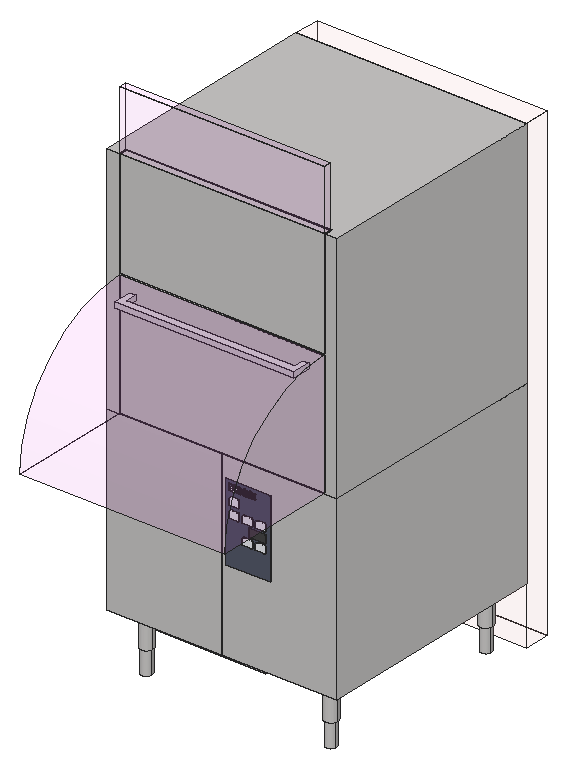
Revit family "QF_ELECTROLUXPROFESSIONAL_506058_EPPWA060", category Attrezzature speciali, Revit 2020
Family settings
  Quota connettore circolare = Usa diametro
  Tipo di parte = Normale
  Basato su piano di lavoro = No
  Sempre verticale = Sì
  Taglio con vuoti quando caricato = No
  Condiviso = No
  Punto di calcolo locali = No
Parameters (values of type "Standard")
  Weight = 200.00 kg
  Watts = 13000 W
  Volts = 400 V
  URL Manufacturer = "https://www.electroluxprofessional.com/"
  URL = "https://www.electroluxprofessional.com/"
  Steam Supply Size = 0 mm
  Steam Supply Minimum Pressure = 0.0 Pa
  Steam Supply Maximum Pressure = 0.0 Pa
  Steam Consumption per Hour = 0
  Show Logo [instance] = yes
  Show Clearance [instance] = yes
  Refrigeration Suction Line Size = 0 mm
  Refrigeration Liquid Line Size = 0 mm
  Refrigerant Compressor Remote = yes
  Prospetto di default = 0 mm
  Produttore = "Electrolux Professional"
  Phase = 3
  Modello = "EPPWA060"
  Length Actual = 876 mm  # constant formula
  Item Number = "506058"
  Hot Water Size = 19.05 mm
  Height Actual = 1791 mm  # constant formula
  HP = "17.4 HP"
  Gas Size = 0 mm
  Gas KW = 0
  Gas Input Pressure = 0 W
  Direct Waste Size = 20 mm
  Descrizione = "POT & PAN WASHER, DIN, A0 60"
  Depth Actual = 900 mm  # constant formula
  Cycle = 50 Hz
  Condensate Return Size = 0 mm
  Compressed Air Volume = 0.0 L/s
  Compressed Air Size = 0 mm
  Compressed Air Pressure = 0.0 Pa
  Cold Water Size = 19.05 mm
  Accessory = yes
Reference planes
  plane 1 "Center (Front/Back)": y = 0
  plane 2: z = 0
  plane 3: x = -63
  plane 4 "LEFT": x = -501
  plane 5: x = 375
  plane 6: y = -450
  plane 7 "BACK": y = 450
  plane 8: z = 220
  plane 9: z = 115
  plane 10: z = 1791
Forms (mm)
  Extrusion 1, solid, material "QF_Finishes_Stainless Steel"
    sketch origin (88.519, -3.5, 0) x (1, 0, 0) y (0, 1, 0)
      loop
        line (-534.519, -88.5) -> (-534.519, -308.5) -> (-94.519, -308.5) -> (-94.519, -88.5) -> (-534.519, -88.5)
    from 115 to 220
  Extrusion 2, solid, material "QF_Finishes_Stainless Steel"
    sketch origin (0, 0, 0) x (1, 0, 0) y (0, 1, 0)
      loop
        line (-501, 450) -> (-501, -450) -> (-63, -450) -> (-63, 450) -> (-501, 450)
    from 220 to 904
  Extrusion 3, solid, material "QF_Finishes_Stainless Steel"
    sketch origin (0, 0, 0) x (1, 0, 0) y (0, 1, 0)
      loop
        line (-63, 450) -> (-63, -450) -> (375, -450) -> (375, 450) -> (-63, 450)
    from 220 to 904
  Extrusion 4, solid, material "QF_Finishes_Stainless Steel"
    sketch origin (0, 0, 0) x (1, 0, 0) y (0, 1, 0)
      loop
        line (-501, 450) -> (-501, -450) -> (-453, -450) -> (-453, -418) -> (327, -418) -> (327, -450) -> (375, -450) -> (375, 450) -> (-501, 450)
    from 904 to 1791
  Extrusion 5, solid, material "QF_Finishes_Stainless Steel"
    sketch origin (0, 0, 0) x (1, 0, 0) y (0, 1, 0)
      loop
        line (-453, -450) -> (327, -450) -> (327, -420) -> (-453, -420) -> (-453, -450)
    from 909 to 1377.938
  Extrusion 6, solid, material "QF_Finishes_Stainless Steel"
    sketch origin (0, 0, 0) x (1, 0, 0) y (0, 1, 0)
      loop
        line (-453, -450) -> (327, -450) -> (327, -420) -> (-453, -420) -> (-453, -450)
    from 1384.114 to 1791
  Extrusion 7, solid, material "QF_Finishes_Door Clearance", visible <- "Show Clearance"
    sketch origin (-229, -650, 546.718) x (0, 1, 0) y (0, 0, -1)
      loop
        line (200, -357.282) -> (-274, -357.282)
        arc (-274, -357.282) -> (-135.169, -692.45) -> (200, -831.282) r 474
        line (200, -831.282) -> (200, -357.282)
    from 224 to -556
  Extrusion 8, solid, material "QF_Finishes_Door Clearance", visible <- "Show Clearance"
    sketch origin (-229, -650, 1221.218) x (0, 1, 0) y (0, 0, -1)
      loop
        line (200, -569.782) -> (200, -798.782) -> (230, -798.782) -> (230, -569.782) -> (200, -569.782)
    from 224 to -556
  Extrusion 9, solid, material "QF_Finishes_Clearance", visible <- "Show Clearance"
    sketch origin (0, 0, 0) x (1, 0, 0) y (0, 1, 0)
      loop
        line (-501, 450) -> (375, 450) -> (375, 550) -> (-501, 550) -> (-501, 450)
    from 0 to 1791
  Extrusion 10, solid, material "QF_Finishes_Stainless Steel"
    sketch origin (-756.159, 1152.464, 214.383) x (1, 0, 0) y (0, 1, 0)
      loop
        circle (701.159, -772.464) r 10
    from -9.383 to 5.617
  Extrusion 11, solid, material "QF_Finishes_Stainless Steel"
    sketch origin (207.404, -238.023, 218) x (0, -1, 0) y (1, 0, 0)
      loop
        line (-163.023, 6.596) -> (-163.023, 26.596) -> (-183.023, 26.596) -> (-183.023, 6.596) -> (-163.023, 6.596)
    from 0 to 2
  Extrusion 12, solid, material "QF_Finishes_Stainless Steel"
    sketch origin (-127.596, 216.977, 218) x (0, -1, 0) y (1, 0, 0)
      loop
        line (-163.023, 6.596) -> (-163.023, 26.596) -> (-183.023, 26.596) -> (-183.023, 6.596) -> (-163.023, 6.596)
    from 0 to 2
  Extrusion 13, solid, material "QF_Finishes_Stainless Steel"
    sketch origin (-526.159, 606.464, 214.383) x (1, 0, 0) y (0, 1, 0)
      loop
        circle (701.159, -772.464) r 10
    from -9.383 to 5.617
  Extrusion 14, solid, material "QF_Finishes_Stainless Steel"
    sketch origin (-456.159, 516.464, 214.383) x (1, 0, 0) y (0, 1, 0)
      loop
        circle (701.159, -772.464) r 10
    from -9.383 to 5.617
Dimensions and locks
  equal spacing: plane 7 "BACK", plane 1 "Center (Front/Back)", plane 6
  plane 7 "BACK" to plane 6 = 900 mm  (x2)
  plane 4 "LEFT" to plane 5 = 876 mm
  equal spacing: Extrusion 2, Extrusion 4 sketch curve, Extrusion 4 sketch curve, Extrusion 4 sketch curve
  equal spacing: plane 5, plane 3, plane 4 "LEFT"
  plane 8 to level = 220 mm
  Extrusion 1 to Extrusion 1 = 220 mm
  Extrusion 1 to nested 2 to plane 6 = 59 mm, 79 mm
  Extrusion 9 to nested 1 to nested 2 = 83 mm, 738 mm
  plane 10 to level = 1791 mm
  Extrusion 8 to level = 2020 mm
  Extrusion 9 to Extrusion 7 = 1374 mm
  level to Extrusion 4 = 904 mm
  aligned and locked: level to plane 2
  aligned and locked: plane 8 to Extrusion 1
  aligned and locked: Extrusion 1 to plane 9
  aligned and locked: Extrusion 2 to plane 6
  aligned and locked: plane 7 "BACK" to Extrusion 2
  aligned and locked: Extrusion 2 to plane 4 "LEFT"
  aligned and locked: Extrusion 3 sketch curve to Extrusion 2  (x2)
  aligned and locked: plane 6 to Extrusion 3 sketch curve
  aligned and locked: Extrusion 3 sketch curve to plane 5
  aligned and locked: Extrusion 2 to plane 8
  aligned and locked: Extrusion 3 to plane 8
  aligned and locked: Extrusion 4 sketch curve to Extrusion 2  (x2)
  aligned and locked: Extrusion 5 sketch curve to plane 6
  aligned and locked: Extrusion 6 sketch curve to Extrusion 5  (x4)
  aligned and locked: Extrusion 6 to Extrusion 8 sketch curve
  aligned and locked: Extrusion 8 to Extrusion 6  (x2)
Automatic sketch dimensions
  plane 4 "LEFT" to Extrusion 1 sketch curve = 55 mm
  plane 3 to Extrusion 1 sketch curve = 57 mm
  plane 6 to Extrusion 1 sketch curve = 138 mm
  plane 1 "Center (Front/Back)" to Extrusion 1 sketch curve = 92 mm
  Extrusion 2 sketch curve to plane 4 "LEFT" = 0 mm
  Extrusion 2 sketch curve to plane 3 = 0 mm
  Extrusion 2 sketch curve to plane 6 = 0 mm
  Extrusion 2 sketch curve to plane 7 "BACK" = 0 mm
  Extrusion 4 sketch curve to plane 6 = 0 mm  (x2)
  Extrusion 4 sketch curve to plane 5 = 0 mm
  plane 4 "LEFT" to Extrusion 4 sketch curve = 48 mm
  Extrusion 4 sketch curve to Extrusion 4 sketch curve = 48 mm
  Extrusion 4 sketch curve to Extrusion 4 sketch curve = 32 mm
  plane 4 "LEFT" to Extrusion 5 sketch curve = 48 mm
  Extrusion 5 sketch curve to plane 5 = 48 mm
  Extrusion 5 sketch curve to Extrusion 5 sketch curve = 30 mm
  Extrusion 7 sketch curve to plane 6 = 0 mm
  Extrusion 7 sketch curve to plane 6 = 474 mm
  plane 10 to Extrusion 7 sketch curve = 413 mm
  Extrusion 8 sketch curve to plane 6 = 0 mm
  plane 10 to Extrusion 8 sketch curve = 0 mm
  Extrusion 8 sketch curve to Extrusion 8 sketch curve = 229 mm
  Extrusion 9 sketch curve to plane 4 "LEFT" = 0 mm
  Extrusion 9 sketch curve to plane 5 = 0 mm
  Extrusion 9 sketch curve to plane 7 "BACK" = 0 mm
  Extrusion 9 sketch curve to Extrusion 9 sketch curve = 100 mm
  Extrusion 10 sketch curve to plane 5 = 430 mm
  Extrusion 10 sketch curve to plane 7 "BACK" = 70 mm
  Extrusion 11 sketch curve to plane 7 "BACK" = 505 mm
  Extrusion 11 sketch curve to Extrusion 11 sketch curve = 20 mm  (x2)
  Extrusion 11 sketch curve to plane 5 = 161 mm
  Extrusion 12 sketch curve to plane 1 "Center (Front/Back)" = 400 mm
  Extrusion 12 sketch curve to Extrusion 12 sketch curve = 20 mm  (x2)
  Extrusion 12 sketch curve to plane 5 = 496 mm
  Extrusion 13 sketch curve to plane 5 = 200 mm
  Extrusion 13 sketch curve to plane 7 "BACK" = 616 mm
  Extrusion 14 sketch curve to plane 5 = 130 mm
  Extrusion 14 sketch curve to plane 7 "BACK" = 706 mm
  radius of Extrusion 10 sketch curve = 10 mm
  radius of Extrusion 13 sketch curve = 10 mm
  radius of Extrusion 14 sketch curve = 10 mm
Nested families
  nested 1: "Piedino H220 - DISHWASHING" at (288, 367, 0), type "Piedino H220 - DISHWASHING"
    with H 200 mm
  nested 2: "Piedino H220 - DISHWASHING" at (288, -371, 0), type "Piedino H220 - DISHWASHING"
    with H 200 mm
  nested 3: "Piedino H220 - DISHWASHING" at (-414, 367, 0) x (-1, 0, 0) z (0, 0, 1), type "Piedino H220 - DISHWASHING"
    with H 200 mm
  nested 4: "Piedino H220 - DISHWASHING" at (-414, -371, 0) x (-1, 0, 0) z (0, 0, 1), type "Piedino H220 - DISHWASHING"
    with H 200 mm
  nested 5: "MANIGLIA_DISHWASHING_SQUARE" at (-73, -450, 1321) x (1, 0, 0) z (0, -1, 0), type "MANIGLIA_DISHWASHING_SQUARE"
  nested 6: "Tastierino_LARGE_ROUNCORNER_DISHWASHING_BLUE" at (37, -450, 680) x (-1, 0, 0) z (0, -1, 0), type "Tastierino_LARGE_ROUNCORNER_DISHWASHING_BLUE"
    with Show Logo yes
  nested 7: "ELX_LOGO_MONO_SMALL_WHITE" at (-34.92, -450.8, 755) x (-1, 0, 0) z (0, -1, 0), type "ELX_LOGO_MONO_SMALL_WHITE"
    with Show Logo yes
  nested 8: "ELX_LOGO_WORDS_WHITE" at (27, -450.8, 804.211) x (1, 0, 0) z (0, -1, 0), type "ELX_LOGO_WORDS_WHITE"
    with Show Logo yes
Connectors
  piping at (-55, 380, 205), diameter 12.9
    settings: on Extrusion 10, index 48, connector inside diameter 609.6 mm, connector length 0 mm, flow factor 0, pipe flow 0.0 L/s, pressure drop 0.0 Pa, fitting loss kfactor 0, connector angle 0.00°, fixture units 0, engagement length 0 mm, angle of deflection 0.00°, flow configuration 0, flow direction 0, fitting loss method 0, system type 29, joint type 0, gender type 0, connector reference index -1, connector utility 0, adjustable connector no, is connector primary yes, connector description "D"
  electrical at (224, -65, 218)
    settings: on Extrusion 11, index 49, voltage 0 V, apparent load 0 VA, apparent load phase1 0 VA, apparent load phase2 0 VA, apparent load phase3 0 VA, power factor 1, load classification "Altro", number of poles 1, system type 30, power factor state 1, is connector primary yes, connector utility no, sub classification motor no, connector description "EI"
  electrical at (-111, 390, 218)
    settings: on Extrusion 12, index 50, voltage 0 V, apparent load 0 VA, apparent load phase1 0 VA, apparent load phase2 0 VA, apparent load phase3 0 VA, power factor 1, load classification "Altro", number of poles 1, system type 30, power factor state 1, is connector primary no, connector utility no, sub classification motor no, connector description "EQ"
  piping at (175, -166, 205), diameter 12.9
    settings: on Extrusion 13, index 51, connector inside diameter 609.6 mm, connector length 0 mm, flow factor 0, pipe flow 0.0 L/s, pressure drop 0.0 Pa, fitting loss kfactor 0, connector angle 0.00°, fixture units 0, engagement length 0 mm, angle of deflection 0.00°, flow configuration 0, flow direction 0, fitting loss method 0, system type 29, joint type 0, gender type 0, connector reference index -1, connector utility 0, adjustable connector no, is connector primary no, connector description "HWI"
  piping at (245, -256, 205), diameter 12.9
    settings: on Extrusion 14, index 52, connector inside diameter 609.6 mm, connector length 0 mm, flow factor 0, pipe flow 0.0 L/s, pressure drop 0.0 Pa, fitting loss kfactor 0, connector angle 0.00°, fixture units 0, engagement length 0 mm, angle of deflection 0.00°, flow configuration 0, flow direction 0, fitting loss method 0, system type 29, joint type 0, gender type 0, connector reference index -1, connector utility 0, adjustable connector no, is connector primary no, connector description "XD/XR"
Definition of nested family "Piedino H220 - DISHWASHING"
  Parameters (values of type "Piedino H220 - DISHWASHING")
    Default Elevation = 0 mm
    H [instance] = 200 mm
  Reference planes
    plane 1 "Centro (Fronte/Retro)": y = 0
    plane 2: z = 0
    plane 3 "Centro (Sinistra/Destra)": x = 0
    plane 4: z = 70.047
  Forms (mm)
    Revolve 1, solid
      sketch origin (55, 0, 0) x (-1, 0, 0) y (0, 0, -1)
        loop
          line (35, 0) -> (35, -90) -> (30, -90) -> (30, -220) -> (55, -220) -> (55, 0) -> (35, 0)
        axis (55, 0) -> (55, -220)
      angle from 0 to 360
  Dimensions and locks
    aligned and locked: level to plane 2
Definition of nested family "MANIGLIA_DISHWASHING_SQUARE"
  Parameters
    Default Elevation = 1219.2 mm
  Reference planes
    plane 1 "Centro (Fronte/Retro)": y = 0
    plane 2: z = 0
    plane 3 "Centro (Sinistra/Destra)": x = 0
    plane 4: z = 72
    plane 5: x = -340
    plane 6: x = 340
  Forms (mm)
    Extrusion 1, solid
      sketch origin (0, 0, 0) x (1, 0, 0) y (0, 1, 0)
        loop
          line (-1219.2, 1219.2) -> (-1219.2, -1219.2) -> (1219.2, -1219.2) -> (1219.2, 1219.2) -> (-1219.2, 1219.2)
      from 0 to -304.8
    Extrusion 2, solid
      sketch origin (0, 10.003, 0) x (1, 0, 0) y (0, 0, 1)
        loop
          line (-340, 0) -> (-320, 0) -> (-320, 42) -> (320, 42) -> (320, 0) -> (340, 0) -> (340, 72) -> (-340, 72) -> (-340, 0)
      from 0 to 20.005
  Dimensions and locks
    aligned and locked: plane 2 to Extrusion 1
    aligned and locked: level to Extrusion 1
Definition of nested family "Tastierino_LARGE_ROUNCORNER_DISHWASHING_BLUE"
  Parameters
    Show Logo [instance] = yes
    Default Elevation = 1219.2 mm
  Reference planes
    plane 1 "Centro (Fronte/Retro)": y = 0
    plane 2: z = 0
    plane 3 "Centro (Sinistra/Destra)": x = 0
  Forms (mm)
    Extrusion 1, solid
      sketch origin (0, 0, 0) x (1, 0, 0) y (0, 1, 0)
        loop
          line (-1219.2, 1219.2) -> (-1219.2, -1219.2) -> (1219.2, -1219.2) -> (1219.2, 1219.2) -> (-1219.2, 1219.2)
      from 0 to -304.8
    Extrusion 2, solid
      sketch origin (0, 0, 0) x (1, 0, 0) y (0, 1, 0)
        loop
          line (-84.444, 147.62) -> (-84.444, -147.62) -> (84.444, -147.62) -> (84.444, 147.62) -> (-84.444, 147.62)
        loop
          arc (-63.183, 58.723) -> (-64.598, 58.137) -> (-65.183, 56.723) r 2
          line (-65.183, 56.723) -> (-65.183, 30.723)
          arc (-65.183, 30.723) -> (-64.598, 29.308) -> (-63.183, 28.723) r 2
          line (-63.183, 28.723) -> (-40.183, 28.723)
          arc (-40.183, 28.723) -> (-29.577, 33.116) -> (-25.183, 43.723) r 15
          line (-25.183, 43.723) -> (-25.183, 56.723)
          arc (-25.183, 56.723) -> (-25.769, 58.137) -> (-27.183, 58.723) r 2
          line (-27.183, 58.723) -> (-63.183, 58.723)
        loop
          line (-65.183, 22.208) -> (-65.183, -7.792) -> (0, -7.792) -> (0, 22.208) -> (-65.183, 22.208)
        loop
          arc (-13.183, 58.723) -> (-14.598, 58.137) -> (-15.183, 56.723) r 2
          line (-15.183, 56.723) -> (-15.183, 30.723)
          arc (-15.183, 30.723) -> (-14.598, 29.308) -> (-13.183, 28.723) r 2
          line (-13.183, 28.723) -> (9.817, 28.723)
          arc (9.817, 28.723) -> (20.423, 33.116) -> (24.817, 43.723) r 15
          line (24.817, 43.723) -> (24.817, 56.723)
          arc (24.817, 56.723) -> (24.231, 58.137) -> (22.817, 58.723) r 2
          line (22.817, 58.723) -> (-13.183, 58.723)
        loop
          arc (-63.183, -16.277) -> (-64.598, -16.863) -> (-65.183, -18.277) r 2
          line (-65.183, -18.277) -> (-65.183, -44.277)
          arc (-65.183, -44.277) -> (-64.598, -45.692) -> (-63.183, -46.277) r 2
          line (-63.183, -46.277) -> (-40.183, -46.277)
          arc (-40.183, -46.277) -> (-29.577, -41.884) -> (-25.183, -31.277) r 15
          line (-25.183, -31.277) -> (-25.183, -18.277)
          arc (-25.183, -18.277) -> (-25.769, -16.863) -> (-27.183, -16.277) r 2
          line (-27.183, -16.277) -> (-63.183, -16.277)
        loop
          arc (-13.183, -16.277) -> (-14.598, -16.863) -> (-15.183, -18.277) r 2
          line (-15.183, -18.277) -> (-15.183, -44.277)
          arc (-15.183, -44.277) -> (-14.598, -45.692) -> (-13.183, -46.277) r 2
          line (-13.183, -46.277) -> (9.817, -46.277)
          arc (9.817, -46.277) -> (20.423, -41.884) -> (24.817, -31.277) r 15
          line (24.817, -31.277) -> (24.817, -18.277)
          arc (24.817, -18.277) -> (24.231, -16.863) -> (22.817, -16.277) r 2
          line (22.817, -16.277) -> (-13.183, -16.277)
        loop
          arc (36.817, -16.277) -> (35.402, -16.863) -> (34.817, -18.277) r 2
          line (34.817, -18.277) -> (34.817, -44.277)
          arc (34.817, -44.277) -> (35.402, -45.692) -> (36.817, -46.277) r 2
          line (36.817, -46.277) -> (59.817, -46.277)
          arc (59.817, -46.277) -> (70.423, -41.884) -> (74.817, -31.277) r 15
          line (74.817, -31.277) -> (74.817, -18.277)
          arc (74.817, -18.277) -> (74.231, -16.863) -> (72.817, -16.277) r 2
          line (72.817, -16.277) -> (36.817, -16.277)
        loop
          arc (36.817, -61.277) -> (35.402, -61.863) -> (34.817, -63.277) r 2
          line (34.817, -63.277) -> (34.817, -89.277)
          arc (34.817, -89.277) -> (35.402, -90.692) -> (36.817, -91.277) r 2
          line (36.817, -91.277) -> (59.817, -91.277)
          arc (59.817, -91.277) -> (70.423, -86.884) -> (74.817, -76.277) r 15
          line (74.817, -76.277) -> (74.817, -63.277)
          arc (74.817, -63.277) -> (74.231, -61.863) -> (72.817, -61.277) r 2
          line (72.817, -61.277) -> (36.817, -61.277)
      from 0 to 0.8
    Extrusion 3, solid
      sketch origin (0, 0, 0) x (1, 0, 0) y (0, 1, 0)
        loop
          line (-65.183, 22.208) -> (-65.183, -7.792) -> (0, -7.792) -> (0, 22.208) -> (-65.183, 22.208)
      from 0 to 0.8
    Extrusion 4, solid
      sketch origin (0, 0, 0) x (1, 0, 0) y (0, 1, 0)
        loop
          arc (-63.183, 58.723) -> (-64.598, 58.137) -> (-65.183, 56.723) r 2
          line (-65.183, 56.723) -> (-65.183, 30.723)
          arc (-65.183, 30.723) -> (-64.598, 29.308) -> (-63.183, 28.723) r 2
          line (-63.183, 28.723) -> (-40.183, 28.723)
          arc (-40.183, 28.723) -> (-29.577, 33.116) -> (-25.183, 43.723) r 15
          line (-25.183, 43.723) -> (-25.183, 56.723)
          arc (-25.183, 56.723) -> (-25.769, 58.137) -> (-27.183, 58.723) r 2
          line (-27.183, 58.723) -> (-63.183, 58.723)
        loop
          arc (-13.183, 58.723) -> (-14.598, 58.137) -> (-15.183, 56.723) r 2
          line (-15.183, 56.723) -> (-15.183, 30.723)
          arc (-15.183, 30.723) -> (-14.598, 29.308) -> (-13.183, 28.723) r 2
          line (-13.183, 28.723) -> (9.817, 28.723)
          arc (9.817, 28.723) -> (20.423, 33.116) -> (24.817, 43.723) r 15
          line (24.817, 43.723) -> (24.817, 56.723)
          arc (24.817, 56.723) -> (24.231, 58.137) -> (22.817, 58.723) r 2
          line (22.817, 58.723) -> (-13.183, 58.723)
        loop
          arc (-63.183, -16.277) -> (-64.598, -16.863) -> (-65.183, -18.277) r 2
          line (-65.183, -18.277) -> (-65.183, -44.277)
          arc (-65.183, -44.277) -> (-64.598, -45.692) -> (-63.183, -46.277) r 2
          line (-63.183, -46.277) -> (-40.183, -46.277)
          arc (-40.183, -46.277) -> (-29.577, -41.884) -> (-25.183, -31.277) r 15
          line (-25.183, -31.277) -> (-25.183, -18.277)
          arc (-25.183, -18.277) -> (-25.769, -16.863) -> (-27.183, -16.277) r 2
          line (-27.183, -16.277) -> (-63.183, -16.277)
        loop
          arc (-13.183, -16.277) -> (-14.598, -16.863) -> (-15.183, -18.277) r 2
          line (-15.183, -18.277) -> (-15.183, -44.277)
          arc (-15.183, -44.277) -> (-14.598, -45.692) -> (-13.183, -46.277) r 2
          line (-13.183, -46.277) -> (9.817, -46.277)
          arc (9.817, -46.277) -> (20.423, -41.884) -> (24.817, -31.277) r 15
          line (24.817, -31.277) -> (24.817, -18.277)
          arc (24.817, -18.277) -> (24.231, -16.863) -> (22.817, -16.277) r 2
          line (22.817, -16.277) -> (-13.183, -16.277)
        loop
          arc (36.817, -16.277) -> (35.402, -16.863) -> (34.817, -18.277) r 2
          line (34.817, -18.277) -> (34.817, -44.277)
          arc (34.817, -44.277) -> (35.402, -45.692) -> (36.817, -46.277) r 2
          line (36.817, -46.277) -> (59.817, -46.277)
          arc (59.817, -46.277) -> (70.423, -41.884) -> (74.817, -31.277) r 15
          line (74.817, -31.277) -> (74.817, -18.277)
          arc (74.817, -18.277) -> (74.231, -16.863) -> (72.817, -16.277) r 2
          line (72.817, -16.277) -> (36.817, -16.277)
        loop
          arc (36.817, -61.277) -> (35.402, -61.863) -> (34.817, -63.277) r 2
          line (34.817, -63.277) -> (34.817, -89.277)
          arc (34.817, -89.277) -> (35.402, -90.692) -> (36.817, -91.277) r 2
          line (36.817, -91.277) -> (59.817, -91.277)
          arc (59.817, -91.277) -> (70.423, -86.884) -> (74.817, -76.277) r 15
          line (74.817, -76.277) -> (74.817, -63.277)
          arc (74.817, -63.277) -> (74.231, -61.863) -> (72.817, -61.277) r 2
          line (72.817, -61.277) -> (36.817, -61.277)
      from 0 to 0.8
  Dimensions and locks
    aligned and locked: plane 2 to Extrusion 1
    aligned and locked: level to Extrusion 1
Definition of nested family "ELX_LOGO_MONO_SMALL_WHITE"
  Parameters (values of type "ELX_LOGO_MONO_SMALL_WHITE")
    Show Logo [instance] = yes
    Default Elevation = 1219.2 mm
  Reference planes
    plane 1 "Center (Front/Back)": y = -49
    plane 2: z = 0
    plane 3 "Center (Left/Right)": x = -9.92
  Forms (mm)
    Extrusion 1, solid
      sketch origin (0, 0, 0) x (1, 0, 0) y (0, 1, 0)
        loop
          line (-1219.2, 1219.2) -> (-1219.2, -1219.2) -> (1219.2, -1219.2) -> (1219.2, 1219.2) -> (-1219.2, 1219.2)
      from 0 to -304.8
    Extrusion 2, solid, visible <- "Show Logo"
      sketch origin (84.462, 509.781, 0) x (1, 0, 0) y (0, 1, 0)
        loop
          line (-97.736, -569.727) -> (-97.736, -547.891)
          arc (-97.736, -547.891) -> (-105.808, -558.809) -> (-97.736, -569.727) r 11.42
        loop
          arc (-96.625, -569.727) -> (-87.544, -567.663) -> (-83.169, -559.442) r 11.191
          line (-83.169, -559.442) -> (-86.782, -559.442)
          arc (-86.782, -559.442) -> (-93.235, -562.062) -> (-96.625, -568.146) r 10.49
          line (-96.625, -568.146) -> (-96.625, -569.727)
        loop
          arc (-96.625, -549.472) -> (-93.235, -555.557) -> (-86.782, -558.176) r 10.49
          line (-86.782, -558.176) -> (-83.169, -558.176)
          arc (-83.169, -558.176) -> (-87.537, -549.888) -> (-96.625, -547.611) r 11.484
          line (-96.625, -547.611) -> (-96.625, -549.472)
        loop
          line (-82.34, -570.919) -> (-82.34, -546.65) -> (-106.642, -546.65) -> (-106.642, -570.919) -> (-82.34, -570.919)
      from 0 to 1.644
  Dimensions and locks
    aligned and locked: plane 2 to Extrusion 1
    aligned and locked: level to Extrusion 1
Definition of nested family "ELX_LOGO_WORDS_WHITE"
  Parameters (values of type "ELX_LOGO_WORDS_WHITE")
    Show Logo [instance] = yes
    Default Elevation = 0 mm
  Reference planes
    plane 1 "Centro (Fronte/Retro)": y = 0
    plane 2: z = 0
    plane 3 "Centro (Sinistra/Destra)": x = 0
  Forms (mm)
    Extrusion 1, solid
      sketch origin (0, 0, 0) x (1, 0, 0) y (0, 1, 0)
        loop
          line (-1219.2, 1219.2) -> (-1219.2, -1219.2) -> (1219.2, -1219.2) -> (1219.2, 1219.2) -> (-1219.2, 1219.2)
      from 0 to -304.8
    Extrusion 2, solid, visible <- "Show Logo"
      sketch origin (0, 0, 0) x (1, 0, 0) y (0, 1, 0)
        loop
          line (-30.234, 10.561) -> (-37.67, 10.561) -> (-37.67, 1.902)
          arc (-37.67, 1.902) -> (-36.691, -0.461) -> (-34.329, -1.439) r 3.341
          line (-34.329, -1.439) -> (-30.09, -1.439) -> (-30.09, 0.503) -> (-33.845, 0.503)
          arc (-33.845, 0.503) -> (-35.079, 0.92) -> (-35.604, 2.112) r 1.615
          line (-35.604, 2.112) -> (-35.604, 3.829) -> (-30.555, 3.829) -> (-30.555, 5.779) -> (-35.604, 5.779) -> (-35.604, 8.617) -> (-30.234, 8.617) -> (-30.234, 10.561)
        loop
          line (-28.622, 10.561) -> (-28.622, -1.439) -> (-26.555, -1.439) -> (-26.555, 10.561) -> (-28.622, 10.561)
        loop
          line (16.27, 10.561) -> (16.27, -1.439) -> (18.338, -1.439) -> (18.338, 10.561) -> (16.27, 10.561)
        loop
          line (-23.137, 2.393) -> (-16.354, 2.393)
          arc (-16.354, 2.393) -> (-17.415, 6.119) -> (-21.043, 7.478) r 4.298
          arc (-21.043, 7.478) -> (-24.239, 5.857) -> (-25.151, 2.393) r 4.373
          arc (-25.151, 2.393) -> (-23.951, -0.505) -> (-21.053, -1.705) r 4.097
          arc (-21.053, -1.705) -> (-18.799, -1.372) -> (-16.908, -0.099) r 5.15
          line (-16.908, -0.099) -> (-18.133, 1.125)
          arc (-18.133, 1.125) -> (-19.74, 0.161) -> (-21.607, 0.323) r 3.039
          arc (-21.607, 0.323) -> (-22.746, 1.081) -> (-23.137, 2.393) r 2.013
        loop
          line (-23.085, 3.846) -> (-18.431, 3.846)
          arc (-18.431, 3.846) -> (-19.084, 5.22) -> (-20.519, 5.727) r 1.983
          arc (-20.519, 5.727) -> (-22.175, 5.295) -> (-23.085, 3.846) r 2.321
        loop
          line (-8.297, 4.711) -> (-6.999, 6.009)
          arc (-6.999, 6.009) -> (-8.627, 7.187) -> (-10.604, 7.539) r 4.497
          arc (-10.604, 7.539) -> (-13.621, 6.437) -> (-15.204, 3.642) r 4.652
          arc (-15.204, 3.642) -> (-12.536, -1.257) -> (-7.072, -0.127) r 4.684
          line (-7.072, -0.127) -> (-8.363, 1.163)
          arc (-8.363, 1.163) -> (-11.149, 0.242) -> (-13.145, 2.393) r 2.714
          arc (-13.145, 2.393) -> (-13.006, 4.094) -> (-11.835, 5.335) r 2.578
          arc (-11.835, 5.335) -> (-9.96, 5.621) -> (-8.297, 4.711) r 2.961
        loop
          line (-5.73, 10.561) -> (-5.73, 2.36)
          arc (-5.73, 2.36) -> (-5.551, 1.13) -> (-5.09, -0.025) r 5.301
          arc (-5.09, -0.025) -> (-3.615, -1.198) -> (-1.746, -1.445) r 3.531
          line (-1.746, -1.445) -> (-1.746, 0.492)
          arc (-1.746, 0.492) -> (-2.302, 0.534) -> (-2.82, 0.74) r 1.862
          arc (-2.82, 0.74) -> (-3.484, 1.442) -> (-3.662, 2.393) r 1.713
          line (-3.662, 2.393) -> (-3.662, 5.362) -> (-1.785, 5.362) -> (-1.785, 7.24) -> (-3.662, 7.24) -> (-3.662, 10.561) -> (-5.73, 10.561)
        loop
          arc (2.004, 3.123) -> (2.152, 3.988) -> (2.578, 4.755) r 2.607
          arc (2.578, 4.755) -> (3.817, 5.391) -> (5.208, 5.362) r 2.84
          line (5.208, 5.362) -> (5.208, 7.349)
          arc (5.208, 7.349) -> (3.39, 7.177) -> (2.004, 5.989) r 3.016
          line (2.004, 5.989) -> (2.004, 7.24) -> (-0.046, 7.24) -> (-0.046, -1.439) -> (2.004, -1.439) -> (2.004, 3.123)
        loop
          circle (10.262, 2.899) r 4.599
        loop
          circle (10.262, 2.899) r 2.787
        loop
          arc (25.793, 2.175) -> (25.283, 0.772) -> (23.898, 0.213) r 1.835
          arc (23.898, 0.213) -> (22.514, 0.772) -> (22.004, 2.175) r 1.835
          line (22.004, 2.175) -> (22.004, 7.24) -> (19.919, 7.24) -> (19.919, 2.003)
          arc (19.919, 2.003) -> (21.105, -0.701) -> (23.898, -1.659) r 3.675
          arc (23.898, -1.659) -> (26.723, -0.672) -> (27.877, 2.088) r 3.675
          line (27.877, 2.088) -> (27.877, 7.24) -> (25.793, 7.24) -> (25.793, 2.175)
        loop
          line (29.126, 7.24) -> (32.128, 3.164) -> (28.83, -1.442) -> (31.052, -1.442) -> (33.241, 1.615) -> (35.462, -1.442) -> (37.67, -1.442) -> (34.419, 3.211) -> (37.392, 7.24) -> (35.135, 7.24) -> (33.234, 4.663) -> (31.362, 7.24) -> (29.126, 7.24)
        loop
          line (-35.875, -6.414) -> (-37.523, -6.414) -> (-37.523, -10.564) -> (-36.621, -10.564) -> (-36.621, -9.135) -> (-35.625, -9.135)
          arc (-35.625, -9.135) -> (-34.509, -7.66) -> (-35.875, -6.414) r 1.372
        loop
          arc (-35.664, -8.32) -> (-35.322, -7.786) -> (-35.664, -7.253) r 0.587
          line (-35.664, -7.253) -> (-36.621, -7.253) -> (-36.621, -8.32) -> (-35.664, -8.32)
        loop
          line (-29.363, -6.414) -> (-31.04, -6.414) -> (-31.04, -10.564) -> (-30.138, -10.564) -> (-30.138, -9.135) -> (-29.265, -9.135) -> (-28.669, -10.564) -> (-27.7, -10.564) -> (-28.516, -8.814)
          arc (-28.516, -8.814) -> (-28.125, -8.347) -> (-27.994, -7.752) r 1.281
          arc (-27.994, -7.752) -> (-28.406, -6.804) -> (-29.363, -6.414) r 1.37
        loop
          line (-30.138, -7.253) -> (-30.138, -8.32) -> (-29.18, -8.32)
          arc (-29.18, -8.32) -> (-28.839, -7.786) -> (-29.18, -7.253) r 0.587
          line (-29.18, -7.253) -> (-30.138, -7.253)
        loop
          circle (-22.402, -8.489) r 2.156
        loop
          circle (-22.402, -8.489) r 1.368
        loop
          line (-16.703, -6.414) -> (-16.703, -10.564) -> (-15.823, -10.564) -> (-15.823, -9.114) -> (-14.261, -9.114) -> (-14.261, -8.184) -> (-15.823, -8.184) -> (-15.823, -7.308) -> (-14.111, -7.308) -> (-14.111, -6.414) -> (-16.703, -6.414)
        loop
          line (-10.611, -6.414) -> (-10.611, -9.216)
          arc (-10.611, -9.216) -> (-10.229, -10.166) -> (-9.284, -10.561) r 1.327
          line (-9.284, -10.561) -> (-7.945, -10.561) -> (-7.945, -9.777) -> (-9.204, -9.777)
          arc (-9.204, -9.777) -> (-9.668, -9.394) -> (-9.759, -8.799) r 0.845
          line (-9.759, -8.799) -> (-8.1, -8.799) -> (-8.1, -8.015) -> (-9.759, -8.015) -> (-9.759, -7.198) -> (-7.985, -7.198) -> (-7.985, -6.414) -> (-10.611, -6.414)
        loop
          arc (4.417, -6.94) -> (3.867, -6.489) -> (3.171, -6.345) r 1.485
          arc (3.171, -6.345) -> (2.528, -6.503) -> (2, -6.902) r 1.645
          arc (2, -6.902) -> (1.902, -7.844) -> (2.51, -8.571) r 1.217
          arc (2.51, -8.571) -> (3.021, -8.741) -> (3.506, -8.976) r 4.201
          arc (3.506, -8.976) -> (3.812, -9.337) -> (3.601, -9.761) r 0.43
          arc (3.601, -9.761) -> (3.209, -9.853) -> (2.819, -9.754) r 0.846
          arc (2.819, -9.754) -> (2.482, -9.511) -> (2.275, -9.15) r 0.983
          line (2.275, -9.15) -> (1.549, -9.489)
          arc (1.549, -9.489) -> (1.811, -9.993) -> (2.232, -10.374) r 1.595
          arc (2.232, -10.374) -> (2.71, -10.578) -> (3.227, -10.63) r 1.719
          arc (3.227, -10.63) -> (3.867, -10.503) -> (4.442, -10.197) r 2.246
          arc (4.442, -10.197) -> (4.697, -9.52) -> (4.566, -8.81) r 1.349
          arc (4.566, -8.81) -> (4.282, -8.482) -> (3.919, -8.245) r 1.564
          arc (3.919, -8.245) -> (3.46, -8.04) -> (2.99, -7.864) r 8.236
          arc (2.99, -7.864) -> (2.718, -7.441) -> (3.111, -7.128) r 0.375
          arc (3.111, -7.128) -> (3.581, -7.241) -> (3.943, -7.563) r 0.998
          line (3.943, -7.563) -> (4.417, -6.94)
        loop
          line (8.225, -6.414) -> (8.225, -10.561) -> (9.077, -10.561) -> (9.077, -6.414) -> (8.225, -6.414)
        loop
          circle (14.827, -8.488) r 1.29
        loop
          circle (14.827, -8.488) r 2.154
        loop
          line (20.548, -10.561) -> (21.409, -10.561) -> (21.409, -7.954) -> (23.306, -10.561) -> (24.135, -10.561) -> (24.135, -6.414) -> (23.274, -6.414) -> (23.274, -9.101) -> (21.377, -6.414) -> (20.548, -6.414) -> (20.548, -10.561)
        loop
          line (28.435, -10.561) -> (28.839, -9.667) -> (30.373, -9.667) -> (30.777, -10.561) -> (31.693, -10.561) -> (29.942, -6.414) -> (29.142, -6.414) -> (27.519, -10.561) -> (28.435, -10.561)
        loop
          line (29.99, -8.816) -> (29.579, -7.905) -> (29.18, -8.816) -> (29.99, -8.816)
        loop
          line (35.929, -9.777) -> (35.929, -6.414) -> (35.076, -6.414) -> (35.076, -10.561) -> (37.523, -10.561) -> (37.523, -9.777) -> (35.929, -9.777)
        loop
          arc (-1.8, -6.94) -> (-2.35, -6.489) -> (-3.046, -6.345) r 1.485
          arc (-3.046, -6.345) -> (-3.689, -6.503) -> (-4.218, -6.902) r 1.645
          arc (-4.218, -6.902) -> (-4.316, -7.844) -> (-3.708, -8.571) r 1.217
          arc (-3.708, -8.571) -> (-3.197, -8.741) -> (-2.712, -8.976) r 4.201
          arc (-2.712, -8.976) -> (-2.405, -9.337) -> (-2.616, -9.761) r 0.43
          arc (-2.616, -9.761) -> (-3.008, -9.853) -> (-3.399, -9.754) r 0.846
          arc (-3.399, -9.754) -> (-3.736, -9.511) -> (-3.942, -9.15) r 0.983
          line (-3.942, -9.15) -> (-4.668, -9.489)
          arc (-4.668, -9.489) -> (-4.407, -9.993) -> (-3.985, -10.374) r 1.595
          arc (-3.985, -10.374) -> (-3.507, -10.578) -> (-2.99, -10.63) r 1.719
          arc (-2.99, -10.63) -> (-2.351, -10.503) -> (-1.775, -10.197) r 2.246
          arc (-1.775, -10.197) -> (-1.521, -9.52) -> (-1.652, -8.81) r 1.349
          arc (-1.652, -8.81) -> (-1.936, -8.482) -> (-2.298, -8.245) r 1.564
          arc (-2.298, -8.245) -> (-2.757, -8.04) -> (-3.228, -7.864) r 8.236
          arc (-3.228, -7.864) -> (-3.5, -7.441) -> (-3.107, -7.128) r 0.375
          arc (-3.107, -7.128) -> (-2.636, -7.241) -> (-2.274, -7.563) r 0.998
          line (-2.274, -7.563) -> (-1.8, -6.94)
      from 0 to 1.644
  Dimensions and locks
    aligned and locked: plane 2 to Extrusion 1
    aligned and locked: level to Extrusion 1
